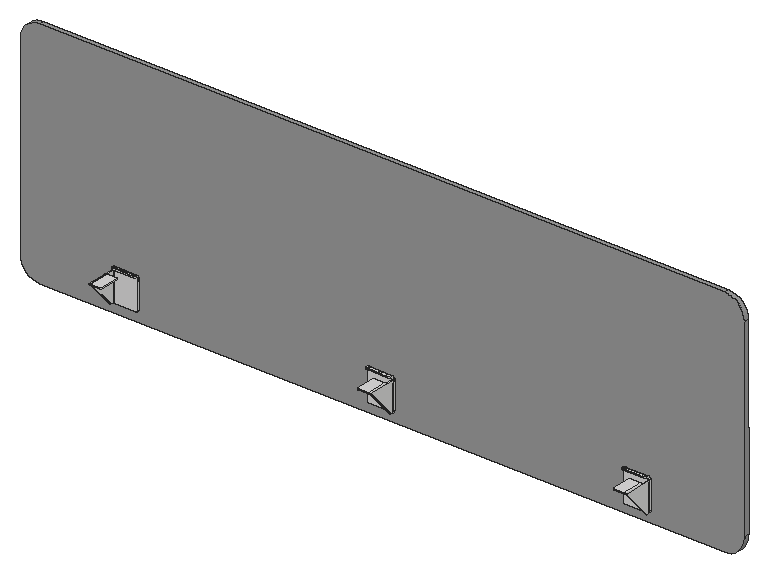
Revit family "Desk_Screens-Teknion-CQCFD_Routes_Smooth_Felt_Desk_Edge_Screen-R2019", category Furniture, Revit 2019
Family settings
  OmniClass Number = 23.40.20.00
  OmniClass Title = General Furniture and Specialties
  Work Plane-Based = No
  Always vertical = Yes
  Cut with Voids When Loaded = No
  Shared = Yes
  Room Calculation Point = No
Parameters (values of type "47" Datum Height, Slim Modesty Height")
  Width [instance] = 72.000"
  Warranty = "http://www.teknion.com/ca/papers/legal-canada"
  Unit Weight URL = "http://www.teknion.com/ca/tools/assets#&asset=bee6a381-b954-425e-8283-5a2de3a804f2,f828d448-4b62-4231-9e5f-9a8991c0ed77"
  URL = "www.teknion.com"
  To render please download texture images found here [instance] = "https://assets.teknion.com/web/5e81352c1dfdb467/revit-material-swatches/"
  Third Bracket Visibility [instance] = not(Width = 48.000")  # yes
  Sustainability Data = "https://www.teknion.com/ca/tools/assets#&topic=216f99a5-57a0-44fc-b10a-9dee9b29ae4c&asset=444deb64-fe58-4b68-981e-f75e97781df7,b4ff2d81-9f2e-437d-9659-7cffb09c31cf"
  Smooth Felt Finish [instance] = Fabric - Teknion - R5 - Smooth Felt - Pewter
  Series = "Routes"  # constant formula
  Product Page URL = "https://www.teknion.com/ca/products/product-details?productLineId=70f0476f-8e7a-673b-a6c8-ff05004460c4"
  Product Line = "Routes"  # constant formula
  Product Documentation Link = "https://assets.teknion.com/m/72af4764f50e983c/original/Routes-Reference-Guide.pdf"
  Part Number = "CQCFD"  # constant formula
  Modesty Base Height = 24.000"
  Model = "CQCFD47L__"
  Manufacturer Phone = "416-661-3370"  # constant formula
  Manufacturer Fax = "416.661.4586"  # constant formula
  Manufacturer Contact Information = "http://www.teknion.com/ca/contactus"
  Manufacturer Address = "1150 Flint Road, Toronto, ON. M3J 2J5. Canada"  # constant formula
  Manufacturer = "Teknion"  # constant formula
  How To Use Teknion Materials User Guide [instance] = "https://assets.teknion.com/m/205dd0a49fa58060/original/How-to-add-a-Material-Library-and-Texture-Images-to-your-Revit-project.pdf"
  Hardware Finish [instance] = Paint - Teknion - Mica - Arctic
  For Additional Finishes please visit [instance] = "https://assets.teknion.com/m/44a8009b046e5d47/original/Teknion_Materials_Library.zip"
  Description = "Smooth Felt Desk End Screen, 47\" Datum Height, Slim Modesty Height (24\")"
  Datum Height = 47.000"
  Connection Node Visibility [instance] = yes
  Available Widths [instance] = "48\", 60\", and 72\""  # constant formula
  Assembly Code = "E2020200"
  Actual Width [instance] = Width - 0.500"  # 71.500"
Types (4): name | Modesty Base Height | Model | Description | Datum Height
  (no name) | 24.000" | "CQCFD47L__" | "Smooth Felt Desk End Screen, 47\" Datum Height, Slim Modesty Height (24\")" | 47.000"
  47" Datum Height, Slim Modesty Height | 24.000" | "CQCFD47L__" | "Smooth Felt Desk End Screen, 47\" Datum Height, Slim Modesty Height (24\")" | 47.000"
  42" Datum Height, Slim Modesty Height | 24.000" | "CQCFD42L__" | "Smooth Felt Desk End Screen, 42\" Datum Height, Slim Modesty Height (24\")" | 42.000"
  42" Datum Height, Semi Modesty Height | 19.000" | "CQCFD42T__" | "Smooth Felt Desk End Screen, 42\" Datum Height, Semi Modesty Height (19\")" | 42.000"
Reference planes (in)
  plane 1 "Center Front/Back": y = 0
  plane 2: z = 0
  plane 3 "Center Left/Right": x = 0
  plane 4 "Left": x = -35.75
  plane 5 "Right": x = 35.75
  plane 6 "Back": y = 1.00013
  plane 7 "Front": y = -2.607
  plane 8 "Top": z = 47
  plane 9: z = 24
Forms (in)
  Sweep 1, solid, material "Fabric - Teknion - R5 - Smooth Felt - Pewter" <- "Smooth Felt Finish"
    path origin (0, 0, 0) x (1, 0, 0) y (0, 1, 0)
      loop
        line (0, 0.508) -> (0, 1.00013)
    profile origin (0, 0.75406, 0) x (-1, 0, 0) y (0, 0, 1)
      loop
        arc (-33.785, 47) -> (-35.17446, 46.42446) -> (-35.75, 45.035) r 1.965
        line (-35.75, 45.035) -> (-35.75, 25.965)
        arc (-35.75, 25.965) -> (-35.17446, 24.57554) -> (-33.785, 24) r 1.965
        line (-33.785, 24) -> (33.785, 24)
        arc (33.785, 24) -> (35.17446, 24.57554) -> (35.75, 25.965) r 1.965
        line (35.75, 25.965) -> (35.75, 45.035)
        arc (35.75, 45.035) -> (35.17446, 46.42446) -> (33.785, 47) r 1.965
        line (33.785, 47) -> (-33.785, 47)
Lines and regions (in)
  Masking region 1
    outline origin (0, 0, 0) x (1, 0, 0) y (0, 1, 0)
      loop
        line (-35.75, 1.00013) -> (-35.75, 0.508) -> (35.75, 0.508) -> (35.75, 1.00013) -> (-35.75, 1.00013)
  reference lines
    curve 1: line (-35.75, 1.00013, 0) -> (-35.75, -2.607, 0)
    curve 2: line (35.75, 1.00013, 0) -> (35.75, -2.607, 0)
Dimensions and locks (in)
  "Actual Width": plane 4 "Left" to plane 5 "Right"
  locked: plane 6 "Back" to plane 7 "Front" at 3.60713
  "Datum Height": plane 8 "Top" to level
  equal spacing: plane 4 "Left", plane 3 "Center Left/Right", plane 5 "Right"
  plane 7 "Front" to plane 1 "Center Front/Back" to plane 6 "Back" = 2.607" locked, 1.00013" locked
  "Modesty Base Height": plane 9 to level
  locked: plane 6 "Back" to Sweep 1 sketch curve at 0.49213
  plane 8 "Top" to Sweep 1 sketch curve to Sweep 1 sketch curve to Sweep 1 sketch curve = 0.000" locked, 1.965" locked, 0.000" locked
  Sweep 1 sketch curve to Sweep 1 sketch curve to plane 9 to Sweep 1 sketch curve = 0.000" locked, 1.965" locked, 0.000" locked
  Sweep 1 sketch curve to Sweep 1 sketch curve to plane 4 "Left" to Sweep 1 sketch curve = 0.000" locked, 1.965" locked, 0.000" locked
  Sweep 1 sketch curve to Sweep 1 sketch curve to plane 5 "Right" to Sweep 1 sketch curve = 0.000" locked, 1.965" locked, 0.000" locked
  nested 1 to nested 2 to nested 3 to level = 0.000" locked, 0.000", 28.250" locked
  plane 1 "Center Front/Back" to nested 1 to nested 2 to nested 3 = 0.000" locked, 0.000" locked, 0.000"
  locked: plane 4 "Left" to nested 1 at 9.233
  locked: nested 3 to plane 5 "Right" at 9.233
  locked: plane 6 "Back" to Masking region 1 sketch curve at 0.49213
  aligned and locked: level to plane 2
  aligned and locked: plane 6 "Back" to Sweep 1 sketch curve
  aligned and locked: plane 3 "Center Left/Right" to Sweep 1 sketch curve
  aligned and locked: nested 2 to plane 3 "Center Left/Right"
  aligned and locked: plane 1 "Center Front/Back" to nested 4
  aligned and locked: plane 3 "Center Left/Right" to nested 4
  aligned and locked: Masking region 1 sketch curve to plane 6 "Back"
  aligned and locked: Masking region 1 sketch curve to plane 5 "Right"
  aligned and locked: plane 4 "Left" to Masking region 1 sketch curve
  aligned and locked: curve 1 to plane 4 "Left"
  aligned and locked: curve 2 to plane 5 "Right"
Automatic sketch dimensions
  plane 7 "Front" to curve 1 = 0.000"
  curve 1 to plane 6 "Back" = 0.000"
  plane 7 "Front" to curve 2 = 0.000"
  curve 2 to plane 6 "Back" = 0.000"
Nested families (in)
  nested 1: "Accessories-Teknion-Routes_Hardware-R2018" at (-25.267, 0, 25), Hardware Finish <- "Hardware Finish", type "Desk Edge Screen Hardware"
    with To render please download texture images found here "https://assets.teknion.com/web/5e81352c1dfdb467/revit-material-swatches/", How To Use Teknion Materials User Guide "https://assets.teknion.com/m/205dd0a49fa58060/original/How-to-add-a-Material-Library-and-Texture-Images-to-your-Revit-project.pdf", Hardware Finish Paint - Teknion - Mica - Arctic, For Additional Finishes please visit "https://assets.teknion.com/m/44a8009b046e5d47/original/Teknion_Materials_Library.zip"
  nested 2: "Accessories-Teknion-Routes_Hardware-R2018" at (0, 0, 25) x (-1, 0, 0) z (0, 0, 1), Hardware Finish <- "Hardware Finish", visible <- "Third Bracket Visibility", type "Desk Edge Screen Hardware"
    with To render please download texture images found here "https://assets.teknion.com/web/5e81352c1dfdb467/revit-material-swatches/", How To Use Teknion Materials User Guide "https://assets.teknion.com/m/205dd0a49fa58060/original/How-to-add-a-Material-Library-and-Texture-Images-to-your-Revit-project.pdf", Hardware Finish Paint - Teknion - Mica - Arctic, For Additional Finishes please visit "https://assets.teknion.com/m/44a8009b046e5d47/original/Teknion_Materials_Library.zip"
  nested 3: "Accessories-Teknion-Routes_Hardware-R2018" at (25.267, 0, 25) x (-1, 0, 0) z (0, 0, 1), Hardware Finish <- "Hardware Finish", type "Desk Edge Screen Hardware"
    with To render please download texture images found here "https://assets.teknion.com/web/5e81352c1dfdb467/revit-material-swatches/", How To Use Teknion Materials User Guide "https://assets.teknion.com/m/205dd0a49fa58060/original/How-to-add-a-Material-Library-and-Texture-Images-to-your-Revit-project.pdf", Hardware Finish Paint - Teknion - Mica - Arctic, For Additional Finishes please visit "https://assets.teknion.com/m/44a8009b046e5d47/original/Teknion_Materials_Library.zip"
  nested 4: "Teknion_2D_Node_Family-R2016" at (0, 0, 0), visible <- "Connection Node Visibility", type "Teknion_2D_Node_Family-R2016"
Definition of nested family "Accessories-Teknion-Routes_Hardware-R2018"
  Parameters (values of type "Desk Edge Screen Hardware")
    Warranty = "http://www.teknion.com/ca/papers/legal-canada"
    Unit Weight URL = "http://www.teknion.com/ca/tools/assets#&asset=bee6a381-b954-425e-8283-5a2de3a804f2,f828d448-4b62-4231-9e5f-9a8991c0ed77"
    URL = "www.teknion.com"
    To render please download texture images found here [instance] = "https://assets.teknion.com/web/5e81352c1dfdb467/revit-material-swatches/"
    Sustainability Data = "https://www.teknion.com/ca/tools/assets#&topic=216f99a5-57a0-44fc-b10a-9dee9b29ae4c&asset=444deb64-fe58-4b68-981e-f75e97781df7,b4ff2d81-9f2e-437d-9659-7cffb09c31cf"
    Series = "Routes"  # constant formula
    Product Page URL = "https://www.teknion.com/ca/products/all-products"
    Product Line = "Routes"  # constant formula
    Model = "Routes Desk Screen Hardware"
    Manufacturer Phone = "416-661-3370"  # constant formula
    Manufacturer Fax = "416.661.4586"  # constant formula
    Manufacturer Contact Information = "http://www.teknion.com/ca/contactus"
    Manufacturer Address = "1150 Flint Road, Toronto, ON. M3J 2J5. Canada"  # constant formula
    Manufacturer = "Teknion"  # constant formula
    How To Use Teknion Materials User Guide [instance] = "https://assets.teknion.com/m/205dd0a49fa58060/original/How-to-add-a-Material-Library-and-Texture-Images-to-your-Revit-project.pdf"
    Hardware Finish [instance] = none
    For Additional Finishes please visit [instance] = "https://assets.teknion.com/m/44a8009b046e5d47/original/Teknion_Materials_Library.zip"
    Description = "Routes Desk Screen Hardware"
    Assembly Code = "E2020200"
  Reference planes (in)
    plane 1 "Center Front/Back": y = 0
    plane 2: z = 0
    plane 3 "Center Left/Right": x = 0
    plane 4 "Left": x = -1.25
    plane 5 "Right": x = 1.25
    plane 6 "Back": y = 0.508
    plane 7 "Front": y = -2.607
    plane 8 "Top": z = 3.25
  Forms (in)
    Sweep 1, solid, material <- "Hardware Finish"
      path origin (0, 0, 0) x (1, 0, 0) y (0, 1, 0)
        loop
          line (0, 0.508) -> (0, 0.403)
      profile origin (0, 0.4555, 0) x (1, 0, 0) y (0, 0, 1)
        loop
          line (1.125, 3) -> (-1.125, 3)
          arc (-1.125, 3) -> (-1.21339, 2.96339) -> (-1.25, 2.875) r 0.125
          line (-1.25, 2.875) -> (-1.25, 0.125)
          arc (-1.25, 0.125) -> (-1.21339, 0.03661) -> (-1.125, 0) r 0.125
          line (-1.125, 0) -> (1.125, 0)
          arc (1.125, 0) -> (1.21339, 0.03661) -> (1.25, 0.125) r 0.125
          line (1.25, 0.125) -> (1.25, 2.875)
          arc (1.25, 2.875) -> (1.21339, 2.96339) -> (1.125, 3) r 0.125
    Sweep 2, solid, material <- "Hardware Finish"
      path origin (0, 0, 0) x (1, 0, 0) y (0, 0, 1)
        loop
          line (0, 0) -> (0, 2.865)
      profile origin (0, 0, 1.4325) x (-1, 0, 0) y (0, -1, 0)
        loop
          line (1.115, -0.298) -> (-1.25, -0.298) -> (-1.25, -0.403) -> (1.115, -0.403)
          arc (1.115, -0.403) -> (1.21046, -0.36346) -> (1.25, -0.268) r 0.135
          line (1.25, -0.268) -> (1.25, 2.607) -> (1.145, 2.607) -> (1.145, -0.268)
          arc (1.145, -0.268) -> (1.13621, -0.28921) -> (1.115, -0.298) r 0.03
    Sweep 3, solid, material <- "Hardware Finish"
      path origin (0, 0, 0) x (1, 0, 0) y (0, 1, 0)
        loop
          line (0, -0.567) -> (0, -2.607)
      profile origin (0, -1.587, 0) x (1, 0, 0) y (0, 0, 1)
        loop
          line (0, 2.895) -> (0, 3) -> (-1.115, 3)
          arc (-1.115, 3) -> (-1.21046, 2.96046) -> (-1.25, 2.865) r 0.135
          line (-1.25, 2.865) -> (-1.145, 2.865)
          arc (-1.145, 2.865) -> (-1.13621, 2.88621) -> (-1.115, 2.895) r 0.03
          line (-1.115, 2.895) -> (0, 2.895)
    Sweep 4, solid, material <- "Hardware Finish"
      path origin (0, 0, 0) x (1, 0, 0) y (0, 1, 0)
        loop
          line (-1.115, 0) -> (1.25, 0)
      profile origin (0.0675, 0, 0) x (0, 1, 0) y (0, 0, 1)
        loop
          line (0.403, 2.865) -> (0.403, 3.115)
          arc (0.403, 3.115) -> (0.36346, 3.21046) -> (0.268, 3.25) r 0.135
          line (0.268, 3.25) -> (0, 3.25) -> (0, 3.145) -> (0.268, 3.145)
          arc (0.268, 3.145) -> (0.28921, 3.13621) -> (0.298, 3.115) r 0.03
          line (0.298, 3.115) -> (0.298, 2.865) -> (0.403, 2.865)
    Sweep 5, void
      path origin (0, 0, 0) x (1, 0, 0) y (0, 1, 0)
        loop
          line (-1.25, 0) -> (-1.115, 0)
      profile origin (-1.1825, 0, 0) x (0, 1, 0) y (0, 0, 1)
        loop
          line (-2.607, 3) -> (-2.607, 0) -> (0.028, 0) -> (-2.607, 3)
    Sweep 6, void
      path origin (0, 0, 0) x (1, 0, 0) y (0, 1, 0)
        loop
          line (0, 0.298) -> (0, 0.403)
      profile origin (0, 0.3505, 0) x (-1, 0, 0) y (0, 0, 1)
        loop
          line (-1.25, 0.125) -> (-1.25, 0) -> (-1.125, 0)
          arc (-1.125, 0) -> (-1.21339, 0.03661) -> (-1.25, 0.125) r 0.125
    Sweep 7, void
      path origin (0, 0, 0) x (1, 0, 0) y (0, 0, 1)
        loop
          line (0, 3.25) -> (0, 2.895)
      profile origin (0, 0, 3.0725) x (0, -1, 0) y (1, 0, 0)
        loop
          line (0, -1.115) -> (0, -0.99)
          arc (0, -0.99) -> (-0.03661, -1.07839) -> (-0.125, -1.115) r 0.125
          line (-0.125, -1.115) -> (0, -1.115)
        loop
          line (0, 1.125) -> (0, 1.25) -> (-0.125, 1.25)
          arc (-0.125, 1.25) -> (-0.03661, 1.21339) -> (0, 1.125) r 0.125
        loop
          line (2.607, 0) -> (2.482, 0)
          arc (2.482, 0) -> (2.57039, -0.03661) -> (2.607, -0.125) r 0.125
          line (2.607, -0.125) -> (2.607, 0)
        loop
          line (0.692, 0) -> (0.567, 0) -> (0.567, -0.125)
          arc (0.567, -0.125) -> (0.60361, -0.03661) -> (0.692, 0) r 0.125
  Cuts and joins
    Sweep 5, Sweep 6 cuts Sweep 2
    Sweep 5, Sweep 7 cuts Sweep 3
    Sweep 7 cuts Sweep 4
    joined: Sweep 2, Sweep 3, Sweep 4
  Lines and regions (in)
    symbolic lines, detail levels medium+fine
      curve 1: line (-1.25, 0.508, 0) -> (1.25, 0.508, 0)
      curve 2: line (-1.25, 0.403, 0) -> (1.25, 0.403, 0)
      curve 3: line (-0.99, 0, 0) -> (1.125, 0, 0)
      curve 4: arc (1.125, 0, 0) -> (1.21339, 0.03661, 0) -> (1.25, 0.125, 0) r 0.125
      curve 5: line (1.25, 0.125, 0) -> (1.25, 0.508, 0)
      curve 6: line (-1.115, 0.403, 0) -> (-1.115, 0.125, 0)
      curve 7: arc (-1.115, 0.125, 0) -> (-1.07839, 0.03661, 0) -> (-0.99, 0, 0) r 0.125
      curve 8: line (-1.25, -0.567, 0) -> (-0.125, -0.567, 0)
      curve 9: line (0, -2.482, 0) -> (0, -0.692, 0)
      curve 10: arc (-0.125, -0.567, 0) -> (-0.03661, -0.60361, 0) -> (0, -0.692, 0) r 0.125
      curve 11: line (-1.12603, -2.607, 0) -> (-0.125, -2.607, 0)
      curve 12: arc (0, -2.482, 0) -> (-0.03661, -2.57039, 0) -> (-0.125, -2.607, 0) r 0.125
      curve 13: line (-1.25, 0.268, 0) -> (-1.25, -2.48842, 0)
      curve 14: spline (-1.24771, -2.48862, 0) -> (-1.24911, -2.50162, 0) -> (-1.24812, -2.51464, 0) -> (-1.24474, -2.52748, 0) -> (-1.23904, -2.53996, 0) -> (-1.23109, -2.55189, 0) -> (-1.22102, -2.5631, 0) -> (-1.20896, -2.57342, 0) -> (-1.1951, -2.58271, 0) -> (-1.17964, -2.59081, 0) -> (-1.16281, -2.59763, 0) -> (-1.14485, -2.60305, 0) -> (-1.12603, -2.607, 0)
      curve 15: arc (-1.25, 0.268, 0) -> (-1.21046, 0.36346, 0) -> (-1.115, 0.403, 0) r 0.135
      curve 16: line (-1.145, -2.48842, 0) -> (-1.145, 0.268, 0)
      curve 17: arc (-1.115, 0.298, 0) -> (-1.13621, 0.28921, 0) -> (-1.145, 0.268, 0) r 0.03
      curve 18: line (-1.115, 0.298, 0) -> (1.25, 0.298, 0)
      curve 19: line (-1.25, 0.403, 0) -> (-1.25, 0.508, 0)
  Dimensions and locks (in)
    locked: plane 4 "Left" to plane 5 "Right" at 2.5
    locked: plane 6 "Back" to plane 7 "Front" at 3.115
    locked: plane 8 "Top" to level at 3.25
    equal spacing: plane 4 "Left", plane 3 "Center Left/Right", plane 5 "Right"
    plane 6 "Back" to plane 1 "Center Front/Back" to plane 7 "Front" = 0.508" locked, 2.607" locked
    locked: plane 6 "Back" to Sweep 1 sketch curve at 0.105
    aligned and locked: level to plane 2
    aligned and locked: plane 6 "Back" to Sweep 1 sketch curve
    aligned and locked: Sweep 1 sketch curve to plane 3 "Center Left/Right"
    aligned and locked: curve 1 to Sweep 1
    aligned and locked: curve 2 to Sweep 1
    aligned and locked: curve 4 to cut or joined group of Sweep 2, Sweep 3, Sweep 4, Sweep 5, Sweep 6, Sweep 7
    aligned and locked: curve 6 to cut or joined group of Sweep 2, Sweep 3, Sweep 4, Sweep 5, Sweep 6, Sweep 7
    aligned and locked: curve 7 to cut or joined group of Sweep 2, Sweep 3, Sweep 4, Sweep 5, Sweep 6, Sweep 7
    aligned and locked: curve 8 to cut or joined group of Sweep 2, Sweep 3, Sweep 4, Sweep 5, Sweep 6, Sweep 7
    aligned and locked: curve 10 to cut or joined group of Sweep 2, Sweep 3, Sweep 4, Sweep 5, Sweep 6, Sweep 7
    aligned and locked: curve 11 to cut or joined group of Sweep 2, Sweep 3, Sweep 4, Sweep 5, Sweep 6, Sweep 7
    aligned and locked: curve 12 to cut or joined group of Sweep 2, Sweep 3, Sweep 4, Sweep 5, Sweep 6, Sweep 7
    aligned and locked: curve 15 to cut or joined group of Sweep 2, Sweep 3, Sweep 4, Sweep 5, Sweep 6, Sweep 7
    aligned and locked: curve 16 to cut or joined group of Sweep 2, Sweep 3, Sweep 4, Sweep 5, Sweep 6, Sweep 7
    aligned and locked: curve 17 to cut or joined group of Sweep 2, Sweep 3, Sweep 4, Sweep 5, Sweep 6, Sweep 7
    aligned and locked: plane 4 "Left" to curve 19
  Automatic sketch dimensions
    Sweep 1 sketch curve to level = 0.000"
    profile plane to Sweep 1 sketch curve = 1.250"
    Sweep 1 sketch curve to Sweep 1 sketch curve = 0.125"  (x3)
    Sweep 1 sketch curve to profile plane = 1.125"  (x2)
    Sweep 1 sketch curve to Sweep 1 sketch curve = 2.750"
    Sweep 2 sketch curve to plane 3 "Center Left/Right" = 0.000"
    Sweep 2 sketch curve to level = 0.000"
    Sweep 2 sketch curve to plane 8 "Top" = 0.385"
    Sweep 2 sketch curve to Sweep 2 sketch curve = 0.000"  (x3)
    Sweep 2 sketch curve to plane 1 "Center Front/Back" = 0.298"
    Sweep 2 sketch curve to profile plane = 1.115"
    Sweep 2 sketch curve to Sweep 2 sketch curve = 0.105"
    plane 1 "Center Front/Back" to Sweep 2 sketch curve = 2.607"
    profile plane to Sweep 2 sketch curve = 1.250"
    Sweep 2 sketch curve to profile plane = 1.145"
    plane 7 "Front" to Sweep 3 sketch curve = 0.000"
    Sweep 3 sketch curve to plane 3 "Center Left/Right" = 0.000"
    plane 1 "Center Front/Back" to Sweep 3 sketch curve = 0.567"
    Sweep 3 sketch curve to Sweep 3 sketch curve = 0.000"
    profile plane to Sweep 3 sketch curve = 0.000"
    profile plane to Sweep 3 sketch curve = 1.115"
    level to Sweep 3 sketch curve = 2.865"
    Sweep 3 sketch curve to Sweep 3 sketch curve = 0.105"
    Sweep 3 sketch curve to Sweep 3 sketch curve = 0.030"
    Sweep 4 sketch curve to plane 5 "Right" = 0.000"
    Sweep 4 sketch curve to plane 1 "Center Front/Back" = 0.000"
    plane 4 "Left" to Sweep 4 sketch curve = 0.135"
    Sweep 4 sketch curve to profile plane = 0.000"
    Sweep 4 sketch curve to profile plane = 0.268"
    Sweep 4 sketch curve to Sweep 4 sketch curve = 0.030"
    Sweep 4 sketch curve to Sweep 4 sketch curve = 0.105"
    level to Sweep 4 sketch curve = 2.865"
    Sweep 4 sketch curve to Sweep 4 sketch curve = 0.250"
    Sweep 4 sketch curve to Sweep 4 sketch curve = 0.000"  (x2)
    plane 1 "Center Front/Back" to Sweep 5 sketch curve = 0.000"
    Sweep 5 sketch curve to plane 4 "Left" = 0.000"
    plane 4 "Left" to Sweep 5 sketch curve = 0.135"
    Sweep 5 sketch curve to level = 0.000"
    profile plane to Sweep 5 sketch curve = 2.607"
    Sweep 5 sketch curve to profile plane = 0.028"
    level to Sweep 5 sketch curve = 3.000"
    Sweep 6 sketch curve to plane 3 "Center Left/Right" = 0.000"
    Sweep 6 sketch curve to plane 6 "Back" = 0.210"
    Sweep 6 sketch curve to Sweep 6 sketch curve = 0.105"
    level to Sweep 6 sketch curve = 0.125"
    profile plane to Sweep 6 sketch curve = 1.125"  (x2)
    Sweep 6 sketch curve to level = 0.000"  (x2)
    Sweep 6 sketch curve to Sweep 6 sketch curve = 0.000"  (x2)
    Sweep 7 sketch curve to plane 3 "Center Left/Right" = 0.000"
    Sweep 7 sketch curve to plane 8 "Top" = 0.000"
    Sweep 7 sketch curve to Sweep 7 sketch curve = 0.355"
    Sweep 7 sketch curve to Sweep 7 sketch curve = 0.125"  (x4)
    Sweep 7 sketch curve to Sweep 7 sketch curve = 0.000"  (x7)
    Sweep 7 sketch curve to profile plane = 1.125"
    plane 1 "Center Front/Back" to Sweep 7 sketch curve = 0.567"
    profile plane to Sweep 7 sketch curve = 0.125"  (x2)
    Sweep 7 sketch curve to Sweep 7 sketch curve = 1.915"
    Sweep 7 sketch curve to Sweep 7 sketch curve = 0.865"
    plane 1 "Center Front/Back" to Sweep 7 sketch curve = 0.000"  (x4)
    Sweep 7 sketch curve to plane 1 "Center Front/Back" = 0.125"
    Sweep 7 sketch curve to profile plane = 0.000"  (x4)
    profile plane to Sweep 7 sketch curve = 0.990"
    Sweep 7 sketch curve to Sweep 7 sketch curve = 1.790"
    curve 16 to curve 11 = 0.01897"
    plane 4 "Left" to curve 14 = 0.00088"
    plane 4 "Left" to curve 14 = 0.00229"
    curve 16 to curve 14 = 0.05884"
    curve 14 to plane 7 "Front" = 0.10427"
    curve 14 to curve 16 = 0.0143"
    curve 14 to curve 13 = 0.0002"
    curve 18 to curve 17 = 0.000"
Definition of nested family "Teknion_2D_Node_Family-R2016"
  Reference planes (in)
    plane 1 "Center (Front/Back)": y = 0
    plane 2: z = 0
    plane 3 "Center (Left/Right)": x = 0
  Lines and regions (in)
    detail lines, in view "Ref. Level"
      curve 1: circle (0, 0, 0) r 1.25 normal (0, 0, 1)
      curve 2: line (1.91508, -1.91508, 0) -> (-1.91508, 1.91508, 0)
      curve 3: line (-1.91508, -1.91508, 0) -> (1.91508, 1.91508, 0)
